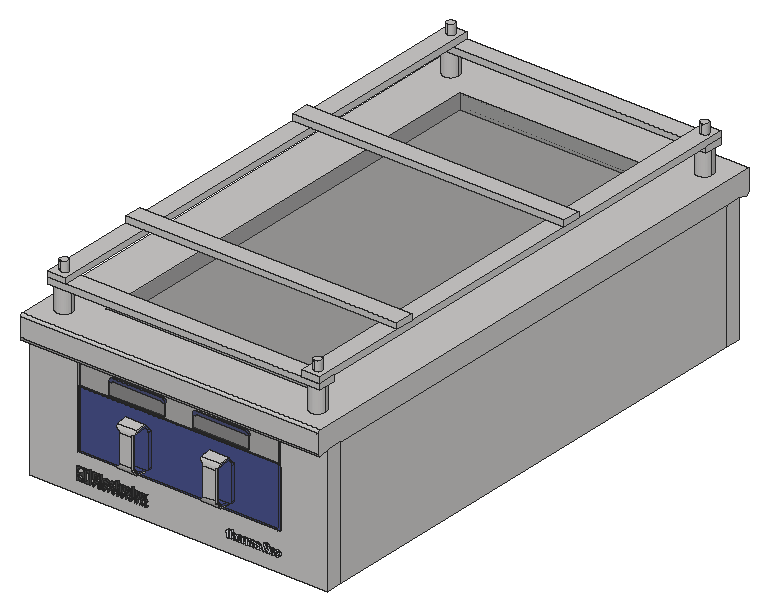
Revit family "QF_ELECTROLUXPROFESSIONAL_589842_MCIBACEODM", category Attrezzature speciali, Revit 2020
Family settings
  Quota connettore circolare = Usa diametro
  Tipo di parte = Normale
  Basato su piano di lavoro = No
  Sempre verticale = Sì
  Taglio con vuoti quando caricato = No
  Condiviso = No
  Punto di calcolo locali = No
Parameters (values of type "Standard")
  Weight = 25.00 kg
  Watts = 10000 W
  Volts = 440 V
  URL Manufacturer = "https://www.electroluxprofessional.com/"
  URL = "https://www.electroluxprofessional.com/"
  Steam Supply Size = 0"
  Steam Supply Minimum Pressure = 0.00 psi
  Steam Supply Maximum Pressure = 0.00 psi
  Steam Consumption per Hour = 0
  Refrigeration Suction Line Size = 0 mm
  Refrigeration Liquid Line Size = 0 mm
  Refrigerant Compressor Remote = yes
  Prospetto di default = 0 mm
  Phase = 3
  Modello = "MCIBACEODM"
  Produttore = "Electrolux Professional"
  Length Actual = 500 mm  # constant formula
  Item Number = "589842"
  Hot Water Size = 0"
  Height Actual = 250 mm  # constant formula
  HP = "13.4 HP"
  Gas Size = 0"
  Gas KW = 0
  Gas Input Pressure = 0.0 Btu/h
  Direct Waste Size = 0"
  Descrizione = "MARINE*INDUCTION TOP,2Z,2S,500X900X250H"
  Depth Actual = 900 mm  # constant formula
  Cycle = 50 Hz
  Condensate Return Size = 0"
  Compressed Air Volume = 0 GPM
  Compressed Air Size = 0"
  Compressed Air Pressure = 0.00 psi
  Cold Water Size = 0"
  Accessory = yes
Reference planes
  plane 1 "BACK": y = 0
  plane 2: z = 0
  plane 3 "LEFT": x = 0
  plane 4 "RIGHT": x = 500
  plane 5 "FRONT": y = -900
  plane 6 "TOP": z = 900
  plane 7 "Center (Left/Right)": x = 250
  plane 8: y = -450
  plane 9: y = -150
  plane 10: x = 80
  plane 11: x = 420
  plane 12: y = -80
  plane 13: y = -820
  plane 14 "EIx": x = 455
  plane 15 "EIy": y = -685
  plane 16: z = 938
  plane 17 "BaseTop": z = 650
  plane 18: y = -855
  plane 19: z = 975
Forms (mm)
  Extrusion 1, solid, material "QF_Finishes_Stainless Steel"
    sketch origin (-178.969, -4572, 100) x (-1, 0, 0) y (0, -1, 0)
      loop
        line (-178.969, -4527) -> (-178.969, -3717) -> (-678.969, -3717) -> (-678.969, -4527) -> (-178.969, -4527)
    from 550 to 762.969
  Extrusion 2, solid, material "QF_Finishes_Stainless Steel"
    sketch origin (0, 0, 650) x (-1, 0, 0) y (0, -1, 0)
      loop
        circle (-455, 685) r 6.35
    from 0 to -11.851
  Extrusion 3, solid, material "QF_Finishes_Stainless Steel"
    sketch origin (250, 296.4, 1219.2) x (0, 1, 0) y (0, 0, 1)
      loop
        line (-296.4, -319.2) -> (-1191.4, -319.2)
        arc (-1191.4, -319.2) -> (-1194.935, -320.664) -> (-1196.4, -324.2) r 5
        line (-1196.4, -324.2) -> (-1196.4, -355.2)
        arc (-1196.4, -355.2) -> (-1194.971, -358.264) -> (-1191.705, -359.139) r 4
        line (-1191.705, -359.139) -> (-1176.4, -356.231) -> (-316.4, -356.231) -> (-301.094, -359.139)
        arc (-301.094, -359.139) -> (-297.829, -358.264) -> (-296.4, -355.2) r 4
        line (-296.4, -355.2) -> (-296.4, -319.2)
    from -250 to 250
  Extrusion 4, solid, material "QF_Finishes_Electrolux_Black Smoke Iluminated"
    sketch origin (0, 0, 900) x (-1, 0, 0) y (0, -1, 0)
      loop
        line (-80, 80) -> (-80, 820) -> (-420, 820) -> (-420, 80) -> (-80, 80)
    from 0 to -20
  Extrusion 5, void
    sketch origin (0, 0, 900) x (-1, 0, 0) y (0, -1, 0)
      loop
        line (-80, 820) -> (-420, 820) -> (-420, 80) -> (-80, 80) -> (-80, 820)
    from 0 to -25
  Extrusion 6, solid, material "QF_Finishes_Stainless Steel"
    sketch origin (97.5, 0, 940) x (0, 1, 0) y (-1, 0, 0)
      loop
        line (-30, 75) -> (-60, 75) -> (-60, -380) -> (-30, -380) -> (-30, 75)
      loop
        line (-870, 75) -> (-870, -380) -> (-840, -380) -> (-840, 75) -> (-870, 75)
      loop
        circle (-855, 60) r 6.5
      loop
        circle (-855, -365) r 6.5
      loop
        circle (-45, 60) r 6.5
      loop
        circle (-45, -365) r 6.5
    from 0 to 10
  Extrusion 7, solid, material "QF_Finishes_Stainless Steel"
    sketch origin (97.5, 0, 950) x (0, 1, 0) y (-1, 0, 0)
      loop
        line (-30, 75) -> (-870, 75) -> (-870, 45) -> (-30, 45) -> (-30, 75)
      loop
        line (-30, -380) -> (-30, -350) -> (-870, -350) -> (-870, -380) -> (-30, -380)
      loop
        circle (-45, 60) r 6.5
      loop
        circle (-45, -365) r 6.5
      loop
        circle (-855, 60) r 6.5
      loop
        circle (-855, -365) r 6.5
    from 0 to 10
  Extrusion 8, solid, material "QF_Finishes_Stainless Steel"
    sketch origin (97.5, 0, 960) x (0, 1, 0) y (-1, 0, 0)
      loop
        line (-327.5, 75) -> (-357.5, 75) -> (-357.5, -380) -> (-327.5, -380) -> (-327.5, 75)
      loop
        line (-677.5, 75) -> (-707.5, 75) -> (-707.5, -380) -> (-677.5, -380) -> (-677.5, 75)
    from 0 to 10
  Extrusion 9, solid, material "QF_Finishes_Stainless Steel"
    sketch origin (97.5, -1, 900) x (-1, 0, 0) y (0, -1, 0)
      loop
        circle (60, 44) r 13
      loop
        circle (-365, 44) r 13
      loop
        circle (60, 854) r 13
      loop
        circle (-365, 854) r 13
    from 0 to 40
  Extrusion 10, solid, material "QF_Finishes_Stainless Steel"
    sketch origin (97.5, -1, 940) x (0, 1, 0) y (-1, 0, 0)
      loop
        circle (-854, 60) r 6.5
      loop
        circle (-854, -365) r 6.5
      loop
        circle (-44, 60) r 6.5
      loop
        circle (-44, -365) r 6.5
    from 0 to 35
Cuts and joins
  Extrusion 5 cuts Extrusion 3
Lines and regions (mm)
  symbolic lines
    curve 1: line (0, 0, 100) -> (500, 0, 100)
    curve 2: line (0, -900, 100) -> (0, 0, 100)
    curve 3: line (500, -900, 100) -> (0, -900, 100)
    curve 4: line (500, 0, 100) -> (500, -900, 100)
    curve 5: line (80, -820, 0) -> (420, -820, 0)
    curve 6: line (420, -820, 0) -> (420, -707.5, 0)
    curve 7: line (420, -80, 0) -> (80, -80, 0)
    curve 8: line (80, -80, 0) -> (80, -336, 0)
    curve 9: line (477.5, -30, 940) -> (22.5, -30, 940)
    curve 10: line (22.5, -30, 940) -> (22.5, -870, 940)
    curve 11: line (477.5, -870, 940) -> (477.5, -30, 940)
    curve 12: line (22.5, -870, 940) -> (477.5, -870, 940)
    curve 13: line (22.5, -707.5, 940) -> (477.5, -707.5, 940)
    curve 14: line (477.5, -677.5, 940) -> (22.5, -677.5, 940)
    curve 15: line (22.5, -357.5, 940) -> (477.5, -357.5, 940)
    curve 16: line (477.5, -327.5, 940) -> (22.5, -327.5, 940)
    curve 17: line (52.5, -30, 940) -> (52.5, -327.5, 940)
    curve 18: line (52.5, -357.5, 940) -> (52.5, -677.5, 940)
    curve 19: line (52.5, -707.5, 940) -> (52.5, -870, 940)
    curve 20: line (52.5, -840, 940) -> (447.5, -840, 940)
    curve 21: line (447.5, -30, 940) -> (447.5, -327.5, 940)
    curve 22: line (447.5, -357.5, 940) -> (447.5, -677.5, 940)
    curve 23: line (447.5, -707.5, 940) -> (447.5, -870, 940)
    curve 24: line (52.5, -60, 940) -> (447.5, -60, 940)
    curve 25: circle (37.5, -45, 940) r 6.5 normal (0, 0, -1)
    curve 26: circle (462.5, -45, 940) r 6.5 normal (0, 0, -1)
    curve 27: circle (37.5, -855, 940) r 6.5 normal (0, 0, 1)
    curve 28: circle (462.5, -855, 940) r 6.5 normal (0, 0, 1)
    curve 29: line (80, -357.5, 0) -> (80, -677.5, 0)
    curve 30: line (420, -336, 0) -> (420, -80, 0)
    curve 31: line (420, -677.5, 0) -> (420, -357.5, 0)
    curve 32: line (80, -707.5, 0) -> (80, -820, 0)
  model lines
    curve 33: line (130.624, -422.012, 900) -> (112.947, -404.335, 900)
    curve 34: line (112.947, -404.335, 900) -> (112.947, -169.335, 900)
    curve 35: line (112.947, -169.335, 900) -> (130.624, -151.657, 900)
    curve 36: line (250, -245.603, 900) -> (250, -325.603, 900)
    curve 37: line (210, -285.603, 900) -> (290, -285.603, 900)
    curve 38: line (369.376, -422.012, 900) -> (387.053, -404.335, 900)
    curve 39: line (387.053, -404.335, 900) -> (387.053, -169.335, 900)
    curve 40: line (387.053, -169.335, 900) -> (369.376, -151.657, 900)
    curve 41: line (130.624, -477.988, 900) -> (112.947, -495.665, 900)
    curve 42: line (112.947, -495.665, 900) -> (112.947, -730.665, 900)
    curve 43: line (112.947, -730.665, 900) -> (130.624, -748.343, 900)
    curve 44: line (250, -654.397, 900) -> (250, -574.397, 900)
    curve 45: line (210, -614.397, 900) -> (290, -614.397, 900)
    curve 46: line (369.376, -477.988, 900) -> (387.053, -495.665, 900)
    curve 47: line (387.053, -495.665, 900) -> (387.053, -730.665, 900)
    curve 48: line (387.053, -730.665, 900) -> (369.376, -748.343, 900)
    curve 49: line (58.254, -110.891, 900) -> (79.467, -89.677, 900)
    curve 50: line (79.467, -89.677, 900) -> (420.533, -89.677, 900)
    curve 51: line (58.254, -789.109, 900) -> (79.467, -810.323, 900)
    curve 52: line (79.467, -810.323, 900) -> (420.533, -810.323, 900)
    curve 53: line (441.746, -110.891, 900) -> (420.533, -89.677, 900)
    curve 54: line (441.746, -789.109, 900) -> (420.533, -810.323, 900)
Dimensions and locks
  plane 3 "LEFT" to plane 4 "RIGHT" = 500 mm
  locked: plane 5 "FRONT" to plane 1 "BACK" at 900
  equal spacing: plane 3 "LEFT", plane 7 "Center (Left/Right)", plane 4 "RIGHT"
  equal spacing: plane 5 "FRONT", plane 8, plane 1 "BACK"
  plane 6 "TOP" to level = 900 mm  (x2)
  plane 1 "BACK" to plane 9 = 150 mm
  plane 1 "BACK" to Extrusion 2 = 685 mm
  locked: plane 14 "EIx" to plane 4 "RIGHT" at 45
  locked: plane 15 "EIy" to plane 1 "BACK" at 685
  plane 16 to plane 6 "TOP" = 38 mm
  plane 12 to plane 1 "BACK" = 80 mm
  plane 5 "FRONT" to plane 13 = 80 mm
  plane 3 "LEFT" to plane 10 = 80 mm
  plane 11 to plane 4 "RIGHT" = 80 mm
  locked: plane 6 "TOP" to plane 17 "BaseTop" at 250
  locked: plane 18 to plane 5 "FRONT" at 45
  plane 19 to plane 6 "TOP" = 75 mm
  aligned and locked: level to plane 2
  aligned and locked: cut or joined group of Extrusion 3, Extrusion 5 to plane 3 "LEFT"
  aligned and locked: cut or joined group of Extrusion 3, Extrusion 5 to plane 4 "RIGHT"
  aligned and locked: Extrusion 5 sketch curve to plane 10
  aligned and locked: plane 12 to Extrusion 5 sketch curve
  aligned and locked: plane 11 to Extrusion 5 sketch curve
  aligned and locked: Extrusion 5 sketch curve to plane 13
  aligned and locked: plane 12 to Extrusion 4 sketch curve
  aligned and locked: Extrusion 4 sketch curve to plane 10
  aligned and locked: Extrusion 4 sketch curve to plane 13
  aligned and locked: plane 11 to Extrusion 4 sketch curve
  aligned and locked: nested 1 to plane 18
  aligned and locked: Extrusion 1 to plane 18
  aligned and locked: plane 3 "LEFT" to nested 1
  aligned and locked: nested 2 to Extrusion 1
  aligned and locked: nested 2 to plane 3 "LEFT"
Automatic sketch dimensions
  Extrusion 2 sketch curve to plane 14 "EIx" = 0 mm
  Extrusion 2 sketch curve to plane 15 "EIy" = 0 mm
  Extrusion 3 sketch curve to plane 5 "FRONT" = 0 mm
  Extrusion 3 sketch curve to plane 6 "TOP" = 0 mm
  Extrusion 3 sketch curve to plane 1 "BACK" = 0 mm
  Extrusion 3 sketch curve to Extrusion 3 sketch curve = 4 mm
  Extrusion 3 sketch curve to Extrusion 3 sketch curve = 0.695 mm
  Extrusion 3 sketch curve to plane 5 "FRONT" = 5 mm
  Extrusion 3 sketch curve to Extrusion 3 sketch curve = 15.305 mm
  plane 1 "BACK" to Extrusion 3 sketch curve = 20 mm
  plane 1 "BACK" to Extrusion 3 sketch curve = 4.695 mm
  plane 1 "BACK" to Extrusion 3 sketch curve = 4 mm
  Extrusion 3 sketch curve to Extrusion 3 sketch curve = 31 mm
  Extrusion 3 sketch curve to Extrusion 3 sketch curve = 36 mm
  Extrusion 3 sketch curve to Extrusion 3 sketch curve = 2.909 mm
  Extrusion 1 sketch curve to plane 4 "RIGHT" = 0 mm
  Extrusion 1 sketch curve to plane 3 "LEFT" = 0 mm
  Extrusion 1 sketch curve to plane 18 = 0 mm
  Extrusion 1 sketch curve to plane 12 = 35 mm
  plane 1 "BACK" to curve 1 = 0 mm
  curve 1 to plane 4 "RIGHT" = 0 mm
  curve 3 to plane 3 "LEFT" = 0 mm
  plane 5 "FRONT" to curve 3 = 0 mm
  Extrusion 6 sketch curve to plane 18 = 0 mm  (x2)
  Extrusion 6 sketch curve to plane 18 = 15 mm
  plane 18 to Extrusion 6 sketch curve = 15 mm
  Extrusion 6 sketch curve to plane 12 = 20 mm
  Extrusion 6 sketch curve to Extrusion 6 sketch curve = 15 mm  (x7)
  Extrusion 6 sketch curve to plane 14 "EIx" = 7.5 mm  (x2)
  plane 3 "LEFT" to Extrusion 6 sketch curve = 37.5 mm  (x2)
  Extrusion 7 sketch curve to plane 18 = 0 mm  (x2)
  plane 14 "EIx" to Extrusion 7 sketch curve = 7.5 mm
  Extrusion 7 sketch curve to plane 18 = 15 mm  (x2)
  Extrusion 7 sketch curve to plane 12 = 35 mm  (x2)
  Extrusion 7 sketch curve to plane 14 "EIx" = 7.5 mm  (x2)
  Extrusion 7 sketch curve to Extrusion 7 sketch curve = 15 mm  (x6)
  plane 10 to Extrusion 7 sketch curve = 27.5 mm
  Extrusion 9 sketch curve to plane 18 = 0 mm  (x2)
  Extrusion 9 sketch curve to plane 14 "EIx" = 7.5 mm  (x2)
  plane 3 "LEFT" to Extrusion 9 sketch curve = 37.5 mm  (x2)
  Extrusion 9 sketch curve to plane 12 = 35 mm  (x2)
  Extrusion 10 sketch curve to plane 18 = 0 mm  (x2)
  Extrusion 10 sketch curve to plane 14 "EIx" = 7.5 mm  (x2)
  Extrusion 10 sketch curve to plane 12 = 35 mm  (x2)
  plane 3 "LEFT" to Extrusion 10 sketch curve = 37.5 mm  (x2)
  plane 12 to curve 53 = 9.677 mm
  plane 4 "RIGHT" to curve 53 = 79.467 mm
  curve 46 to plane 8 = 45.665 mm
  curve 50 to curve 46 = 33.48 mm
  curve 40 to plane 9 = 19.335 mm
  curve 50 to curve 40 = 33.48 mm
  curve 41 to plane 8 = 45.665 mm
  curve 46 to curve 41 = 274.107 mm
  plane 8 to curve 33 = 45.665 mm
  curve 33 to curve 41 = 0 mm
  curve 34 to curve 49 = 33.48 mm
  curve 42 to curve 52 = 33.48 mm
  curve 35 to plane 9 = 19.335 mm
  plane 8 to curve 39 = 45.665 mm
  curve 48 to plane 15 "EIy" = 45.665 mm
  curve 43 to plane 15 "EIy" = 45.665 mm
  plane 12 to curve 53 = 30.891 mm
  curve 53 to curve 50 = 21.213 mm
  curve 54 to plane 13 = 30.891 mm
  curve 54 to curve 47 = 54.693 mm
  curve 54 to curve 52 = 21.213 mm
  curve 54 to plane 13 = 9.677 mm
  curve 40 to plane 9 = 1.657 mm
  curve 39 to curve 40 = 17.678 mm
  curve 46 to plane 8 = 27.988 mm
  curve 46 to curve 46 = 17.678 mm
  curve 48 to plane 15 "EIy" = 63.343 mm
  curve 47 to curve 48 = 17.678 mm
  plane 8 to curve 38 = 27.988 mm
  curve 38 to curve 38 = 17.678 mm
  plane 15 "EIy" to curve 45 = 70.603 mm
  curve 47 to curve 45 = 97.053 mm
  curve 39 to curve 37 = 97.053 mm
  curve 37 to curve 36 = 40 mm  (x2)
  curve 45 to curve 44 = 40 mm
  curve 36 to curve 37 = 40 mm  (x2)
  curve 44 to curve 45 = 40 mm  (x2)
  plane 8 to curve 33 = 27.988 mm
  curve 33 to curve 33 = 17.678 mm
  curve 35 to plane 9 = 1.657 mm
  curve 35 to curve 34 = 17.678 mm
  curve 43 to plane 15 "EIy" = 63.343 mm
  curve 43 to curve 42 = 17.678 mm
  curve 41 to plane 8 = 27.988 mm
  curve 41 to curve 41 = 17.678 mm
  plane 12 to curve 49 = 30.891 mm
  curve 49 to curve 49 = 21.213 mm
  curve 51 to plane 13 = 30.891 mm
  curve 51 to curve 51 = 21.213 mm
  curve 36 to plane 9 = 95.603 mm
  plane 15 "EIy" to curve 44 = 30.603 mm
  Extrusion 8 sketch curve to plane 15 "EIy" = 22.5 mm
  plane 15 "EIy" to Extrusion 8 sketch curve = 7.5 mm
  plane 3 "LEFT" to Extrusion 8 sketch curve = 22.5 mm  (x2)
  plane 8 to Extrusion 8 sketch curve = 92.5 mm
  Extrusion 8 sketch curve to Extrusion 8 sketch curve = 30 mm
  plane 4 "RIGHT" to Extrusion 8 sketch curve = 22.5 mm  (x2)
  curve 5 to plane 10 = 0 mm
  curve 29 to plane 10 = 0 mm
  curve 8 to plane 10 = 0 mm
  curve 6 to plane 11 = 0 mm
  curve 30 to plane 11 = 0 mm
  curve 31 to plane 11 = 0 mm
  plane 13 to curve 5 = 0 mm
  plane 12 to curve 8 = 0 mm
  curve 32 to plane 15 "EIy" = 22.5 mm
  curve 6 to plane 15 "EIy" = 22.5 mm
  plane 15 "EIy" to curve 31 = 7.5 mm
  plane 15 "EIy" to curve 29 = 7.5 mm
  plane 8 to curve 31 = 92.5 mm
  plane 8 to curve 29 = 92.5 mm
  curve 31 to curve 30 = 21.5 mm
  curve 29 to curve 8 = 21.5 mm
  plane 14 "EIx" to curve 23 = 7.5 mm
  curve 23 to plane 18 = 15 mm
  curve 19 to plane 18 = 15 mm
  plane 18 to curve 20 = 15 mm
  curve 23 to plane 15 "EIy" = 22.5 mm
  plane 15 "EIy" to curve 22 = 7.5 mm
  plane 14 "EIx" to curve 22 = 7.5 mm
  plane 8 to curve 22 = 92.5 mm
  plane 14 "EIx" to curve 21 = 7.5 mm
  curve 22 to curve 21 = 30 mm
  curve 24 to plane 12 = 20 mm
  plane 1 "BACK" to curve 21 = 30 mm
  plane 1 "BACK" to curve 17 = 30 mm
  plane 4 "RIGHT" to curve 16 = 22.5 mm
  plane 4 "RIGHT" to curve 15 = 22.5 mm
  plane 4 "RIGHT" to curve 14 = 22.5 mm
  plane 4 "RIGHT" to curve 13 = 22.5 mm
  plane 10 to curve 19 = 27.5 mm
  plane 10 to curve 18 = 27.5 mm
  plane 10 to curve 17 = 27.5 mm
  plane 3 "LEFT" to curve 15 = 22.5 mm
  plane 3 "LEFT" to curve 14 = 22.5 mm
  plane 3 "LEFT" to curve 13 = 22.5 mm
  plane 3 "LEFT" to curve 16 = 22.5 mm
  radius of Extrusion 2 sketch curve = 6.35 mm
  radius of Extrusion 6 sketch curve = 6.5 mm  (x4)
  radius of Extrusion 7 sketch curve = 6.5 mm  (x4)
  radius of Extrusion 9 sketch curve = 13 mm  (x4)
  radius of Extrusion 10 sketch curve = 6.5 mm  (x4)
Nested families
  nested 1: "Front_Panel_W500_2 Knobs" at (52.376, -855, 0), type "Front_Panel_W500_2 Knobs"
  nested 2: "Front_Panel_W500_2 Knobs" at (447.624, -45, 0) x (-1, 0, 0) z (0, 0, 1), type "Front_Panel_W500_2 Knobs"
Connectors
  electrical at (455, -685, 638.149)
    settings: on Extrusion 2, index 1, voltage 400 V, apparent load 33000 VA, apparent load phase1 0 VA, apparent load phase2 0 VA, apparent load phase3 0 VA, power factor 1, load classification "Other", number of poles 1, system type 30, power factor state 1, is connector primary yes, connector utility no, sub classification motor no, connector description "ELECTRICAL CONNECTION"
Definition of nested family "Front_Panel_W500_2 Knobs"
  Parameters
    Width = 500 mm
    Default Elevation = 0 mm
  Reference planes
    plane 1 "Center (Front/Back)": y = 0
    plane 2: z = 0
    plane 3 "Center (Left/Right)": x = 197.624
    plane 4 "Left": x = -52.376
    plane 5 "Right": x = 447.624
    plane 6: y = -45
    plane 7: y = -25
    plane 8: x = 367.624
    plane 9: x = 27.624
    plane 10: x = 127.624
    plane 11: x = 267.624
  Forms (mm)
    Extrusion 1, solid
      sketch origin (833.217, 829.203, -1.25) x (0, 1, 0) y (0, 0, 1)
        loop
          line (-854.203, 651.25) -> (-829.203, 651.25) -> (-829.203, 864.25) -> (-854.203, 864.25) -> (-854.203, 651.25)
      from -885.593 to -385.593
    Extrusion 2, void
      sketch origin (0, 0, 0) x (1, 0, 0) y (0, 0, 1)
        loop
          line (27.624, 853.866) -> (27.624, 711.866) -> (367.624, 711.866) -> (367.624, 853.866) -> (27.624, 853.866)
      from 19.387 to 33.951
  Cuts and joins
    Extrusion 2 cuts Extrusion 1
  Dimensions and locks
    equal spacing: plane 5 "Right", plane 3 "Center (Left/Right)", plane 4 "Left"
    "Width": plane 5 "Right" to plane 4 "Left"
    locked: plane 3 "Center (Left/Right)" to plane 9 at 170
    locked: plane 8 to plane 3 "Center (Left/Right)" at 170
    locked: plane 3 "Center (Left/Right)" to plane 10 at 70
    locked: plane 11 to plane 3 "Center (Left/Right)" at 70
    aligned and locked: cut or joined group of Extrusion 1, Extrusion 2 to plane 4 "Left"
    aligned and locked: plane 5 "Right" to cut or joined group of Extrusion 1, Extrusion 2
    aligned and locked: plane 3 "Center (Left/Right)" to nested 1
    aligned and locked: cut or joined group of Extrusion 1, Extrusion 2 to nested 1
    aligned and locked: plane 9 to Extrusion 2 sketch curve
    aligned and locked: Extrusion 2 sketch curve to plane 8
    aligned and locked: plane 9 to cut or joined group of Extrusion 1, Extrusion 2
    aligned and locked: plane 8 to cut or joined group of Extrusion 1, Extrusion 2
    aligned and locked: plane 9 to nested 1
    aligned and locked: plane 8 to nested 1
    aligned and locked: nested 4 to plane 9
  Automatic sketch dimensions
    Extrusion 1 sketch curve to plane 1 "Center (Front/Back)" = 0 mm
    level to Extrusion 1 sketch curve = 650 mm
    level to Extrusion 2 sketch curve = 711.866 mm
    Extrusion 2 sketch curve to Extrusion 2 sketch curve = 142 mm
    Extrusion 1 sketch curve to plane 6 = 20 mm
    Extrusion 1 sketch curve to Extrusion 1 sketch curve = 213 mm
  Nested families
    nested 1: "Front glass control panel W340_2 Knobs" at (197.624, 280.644, 2.752), type "Front glass control panel W340_2 Knobs"
    nested 2: "Range Control Handle" at (127.624, -28.137, -209.113) x (-1, 0, 0) z (0, 0, 1), type "Range Control Handle"
    nested 3: "ELX_ThermaLine_Small" at (319.031, -25, 679.426) x (1, 0, 0) z (0, -1, 0), type "ELX_ThermaLine_Small"
      with Show Logo yes, Material_Logo none
    nested 4: "ELX_Professional_Logo_Small" at (87.11, -25, 681.659) x (1, 0, 0) z (0, -1, 0), type "ELX_Professional_Logo_Small"
      with Show Logo yes, Material_Logo none
    nested 5: "Range Control Handle" at (267.624, -28.137, -209.113) x (-1, 0, 0) z (0, 0, 1), type "Range Control Handle"
  Definition of nested family "Front glass control panel W340_2 Knobs"
    Parameters
      Default Elevation = 0 mm
    Reference planes
      plane 1 "Center (Front/Back)": y = 0
      plane 2: z = 0
      plane 3 "Center (Left/Right)": x = 0
    Forms (mm)
      Extrusion 1, solid
        sketch origin (378.286, 0, 0.617) x (1, 0, 0) y (0, 0, 1)
          loop
            line (-548.286, 806.791) -> (-548.286, 708.497) -> (-208.286, 708.497) -> (-208.286, 806.791) -> (-548.286, 806.791)
        from 300.031 to 304.8
      Extrusion 2, solid
        sketch origin (378.286, 0, 0.617) x (1, 0, 0) y (0, 0, 1)
          loop
            line (-548.286, 850.497) -> (-548.286, 806.791) -> (-208.286, 806.791) -> (-208.286, 850.497) -> (-548.286, 850.497)
        from 300.031 to 304.8
      Extrusion 3, void
        sketch origin (378.286, 0, 0.617) x (1, 0, 0) y (0, 0, 1)
          loop
            line (-545.628, 847.565) -> (-545.628, 710.699) -> (-211.196, 710.699) -> (-211.196, 847.565) -> (-545.628, 847.565)
        from 303.697 to 304.8
      Extrusion 4, solid
        sketch origin (238.309, 1.101, -0.633) x (1, 0, 0) y (0, 0, 1)
          loop
            line (-261.431, 812.62) -> (-261.431, 834.177) -> (-266.24, 834.177) -> (-268.039, 835.977) -> (-348.469, 835.977) -> (-350.269, 834.177) -> (-355.186, 834.177) -> (-355.186, 812.62) -> (-261.431, 812.62)
        from 304.798 to 306.745
      Extrusion 5, solid
        sketch origin (238.309, 1.101, -0.633) x (1, 0, 0) y (0, 0, 1)
          loop
            line (-350.269, 834.177) -> (-348.469, 835.977) -> (-268.039, 835.977) -> (-266.24, 834.177) -> (-261.529, 834.177)
            arc (-261.529, 834.177) -> (-262.706, 838.752) -> (-266.98, 840.763) r 5.549
            line (-266.98, 840.763) -> (-349.686, 840.763)
            arc (-349.686, 840.763) -> (-353.942, 838.747) -> (-355.078, 834.177) r 5.5
            line (-355.078, 834.177) -> (-350.269, 834.177)
        from 304.798 to 306.745
      Extrusion 6, solid
        sketch origin (378.309, 1.101, -0.633) x (1, 0, 0) y (0, 0, 1)
          loop
            line (-261.431, 812.62) -> (-261.431, 834.177) -> (-266.24, 834.177) -> (-268.039, 835.977) -> (-348.469, 835.977) -> (-350.269, 834.177) -> (-355.186, 834.177) -> (-355.186, 812.62) -> (-261.431, 812.62)
        from 304.798 to 306.745
      Extrusion 7, solid
        sketch origin (378.309, 1.101, -0.633) x (1, 0, 0) y (0, 0, 1)
          loop
            line (-350.269, 834.177) -> (-348.469, 835.977) -> (-268.039, 835.977) -> (-266.24, 834.177) -> (-261.529, 834.177)
            arc (-261.529, 834.177) -> (-262.706, 838.752) -> (-266.98, 840.763) r 5.549
            line (-266.98, 840.763) -> (-349.686, 840.763)
            arc (-349.686, 840.763) -> (-353.942, 838.747) -> (-355.078, 834.177) r 5.5
            line (-355.078, 834.177) -> (-350.269, 834.177)
        from 304.798 to 306.745
    Cuts and joins
      Extrusion 3 cuts Extrusion 1
      Extrusion 3 cuts Extrusion 2
    Dimensions and locks
      equal spacing: cut or joined group of Extrusion 2, Extrusion 3, plane 3 "Center (Left/Right)", cut or joined group of Extrusion 2, Extrusion 3
      cut or joined group of Extrusion 2, Extrusion 3 to cut or joined group of Extrusion 2, Extrusion 3 = 340 mm
      aligned and locked: Extrusion 1 to Extrusion 2
      aligned and locked: Extrusion 5 to Extrusion 4
      aligned and locked: Extrusion 7 to Extrusion 6
    Automatic sketch dimensions
      Extrusion 1 sketch curve to plane 3 "Center (Left/Right)" = 170 mm
      plane 3 "Center (Left/Right)" to Extrusion 1 sketch curve = 170 mm
      level to Extrusion 1 sketch curve = 709.114 mm
      Extrusion 1 sketch curve to Extrusion 1 sketch curve = 98.294 mm
      Extrusion 2 sketch curve to plane 3 "Center (Left/Right)" = 170 mm
      plane 3 "Center (Left/Right)" to Extrusion 2 sketch curve = 170 mm
      level to Extrusion 2 sketch curve = 807.408 mm
      Extrusion 2 sketch curve to Extrusion 2 sketch curve = 43.706 mm
      Extrusion 3 sketch curve to plane 3 "Center (Left/Right)" = 167.342 mm
      plane 3 "Center (Left/Right)" to Extrusion 3 sketch curve = 167.091 mm
      level to Extrusion 3 sketch curve = 711.316 mm
      Extrusion 3 sketch curve to Extrusion 3 sketch curve = 136.866 mm
      Extrusion 4 sketch curve to plane 3 "Center (Left/Right)" = 116.877 mm
      Extrusion 4 sketch curve to Extrusion 4 sketch curve = 4.917 mm
      Extrusion 4 sketch curve to Extrusion 4 sketch curve = 1.8 mm  (x3)
      Extrusion 4 sketch curve to plane 3 "Center (Left/Right)" = 29.731 mm
      Extrusion 4 sketch curve to Extrusion 4 sketch curve = 4.809 mm
      level to Extrusion 4 sketch curve = 811.987 mm
      Extrusion 4 sketch curve to Extrusion 4 sketch curve = 21.557 mm  (x2)
      Extrusion 5 sketch curve to plane 3 "Center (Left/Right)" = 116.769 mm
      Extrusion 5 sketch curve to Extrusion 5 sketch curve = 4.809 mm
      Extrusion 5 sketch curve to Extrusion 5 sketch curve = 0.583 mm
      Extrusion 5 sketch curve to Extrusion 5 sketch curve = 1.217 mm
      Extrusion 5 sketch curve to plane 3 "Center (Left/Right)" = 29.731 mm
      Extrusion 5 sketch curve to Extrusion 5 sketch curve = 1.059 mm
      Extrusion 5 sketch curve to Extrusion 5 sketch curve = 0.741 mm
      Extrusion 5 sketch curve to Extrusion 5 sketch curve = 4.711 mm
      level to Extrusion 5 sketch curve = 833.543 mm
      Extrusion 5 sketch curve to Extrusion 5 sketch curve = 0 mm
      Extrusion 5 sketch curve to Extrusion 5 sketch curve = 1.037 mm
      Extrusion 5 sketch curve to Extrusion 5 sketch curve = 0.714 mm
      plane 3 "Center (Left/Right)" to Extrusion 6 sketch curve = 23.123 mm
      Extrusion 6 sketch curve to Extrusion 6 sketch curve = 4.917 mm
      Extrusion 6 sketch curve to Extrusion 6 sketch curve = 1.8 mm  (x3)
      Extrusion 6 sketch curve to Extrusion 6 sketch curve = 80.43 mm
      Extrusion 6 sketch curve to Extrusion 6 sketch curve = 4.809 mm
      level to Extrusion 6 sketch curve = 811.987 mm
      Extrusion 6 sketch curve to Extrusion 6 sketch curve = 21.557 mm  (x2)
      plane 3 "Center (Left/Right)" to Extrusion 7 sketch curve = 23.231 mm
      Extrusion 7 sketch curve to Extrusion 7 sketch curve = 4.809 mm
      Extrusion 7 sketch curve to Extrusion 7 sketch curve = 0.583 mm
      Extrusion 7 sketch curve to Extrusion 7 sketch curve = 1.217 mm
      Extrusion 7 sketch curve to Extrusion 7 sketch curve = 80.43 mm
      Extrusion 7 sketch curve to Extrusion 7 sketch curve = 1.059 mm
      Extrusion 7 sketch curve to Extrusion 7 sketch curve = 0.741 mm
      Extrusion 7 sketch curve to Extrusion 7 sketch curve = 4.711 mm
      level to Extrusion 7 sketch curve = 833.543 mm
      Extrusion 7 sketch curve to Extrusion 7 sketch curve = 0 mm
      Extrusion 7 sketch curve to Extrusion 7 sketch curve = 1.037 mm
      Extrusion 7 sketch curve to Extrusion 7 sketch curve = 0.714 mm
  Definition of nested family "Range Control Handle"
    Parameters
      Default Elevation = 0 mm
    Reference planes
      plane 1 "Center (Front/Back)": y = 0
      plane 2: z = 0
      plane 3 "Center (Left/Right)": x = 0
      plane 4: z = 971.092
      plane 5: y = -16.9
    Forms (mm)
      Extrusion 1, solid
        sketch origin (-746.28, 380.497, 208.931) x (-1, 0, 0) y (0, 0, 1)
          loop
            line (-770.101, 786.798) -> (-770.101, 731.649)
            arc (-770.101, 731.649) -> (-769.759, 730.563) -> (-768.855, 729.87) r 1.893
            line (-768.855, 729.87) -> (-763.474, 727.911) -> (-729.81, 727.911) -> (-724.428, 729.87)
            arc (-724.428, 729.87) -> (-723.525, 730.563) -> (-723.183, 731.649) r 1.893
            line (-723.183, 731.649) -> (-723.183, 786.798)
            arc (-723.183, 786.798) -> (-723.529, 787.894) -> (-724.44, 788.593) r 1.91
            line (-724.44, 788.593) -> (-729.683, 790.819) -> (-763.601, 790.819) -> (-768.844, 788.593)
            arc (-768.844, 788.593) -> (-769.755, 787.894) -> (-770.101, 786.798) r 1.91
        from -382.35 to -378.852
      Sweep 2, solid
        path origin (-746.788, 380.496, 208.091) x (0, -1, 0) y (0, 0, 1)
          loop
            line (379.775, 793.281) -> (395.661, 791.048)
            arc (395.661, 791.048) -> (397.781, 787.377) -> (398.517, 783.202) r 12.207
            line (398.517, 783.202) -> (398.517, 737.368)
            arc (398.517, 737.368) -> (397.781, 733.193) -> (395.661, 729.522) r 12.207
            line (395.661, 729.522) -> (379.775, 727.289)
        profile origin (-746.788, -7.222, 1000.256) x (0, -0.139173, 0.990268) y (-1, 0, 0)
          loop
            line (0.782, -763.123) -> (0.782, -730.907) -> (-1.322, -730.907) -> (-1.322, -763.123) -> (0.782, -763.123)
      Sweep 3, solid
        path origin (-746.788, 380.715, 207.832) x (0, -1, 0) y (0, 0, 1)
          loop
            line (380.478, 795.442) -> (397.218, 793.09)
            arc (397.218, 793.09) -> (399.929, 788.473) -> (400.871, 783.202) r 15.207
            line (400.871, 783.202) -> (400.871, 737.584)
            arc (400.871, 737.584) -> (399.914, 732.274) -> (397.164, 727.633) r 15.207
            line (397.164, 727.633) -> (380.601, 725.305)
        profile origin (-746.788, -8.132, 1002.099) x (0, -0.139173, 0.990268) y (-1, 0, 0)
          loop
            line (0.782, -763.123) -> (0.782, -730.907) -> (-1.322, -730.907) -> (-1.322, -763.123) -> (0.782, -763.123)
      Extrusion 4, void
        sketch origin (889.253, 220.666, 207.993) x (1, 0, 0) y (0, 0, 1)
          loop
            line (-943.038, 816.854) -> (-943.038, 703.686) -> (-899.466, 734.196) -> (-899.466, 786.344) -> (-943.038, 816.854)
        from 230.636 to 242.25
      Extrusion 5, void
        sketch origin (-888.8, 220.666, 207.993) x (-1, 0, 0) y (0, 0, -1)
          loop
            line (-943.038, -816.854) -> (-899.466, -786.344) -> (-899.466, -734.196) -> (-943.038, -703.686) -> (-943.038, -816.854)
        from 230.636 to 242.25
      Extrusion 6, solid
        sketch origin (0, 0, 0) x (1, 0, 0) y (0, 0, 1)
          loop
            circle (0, 971.092) r 7.736
        from -3.137 to -1.645
    Cuts and joins
      Extrusion 4, Extrusion 5 cuts Sweep 3
      Extrusion 4, Extrusion 5 cuts Sweep 2
      joined: Extrusion 1, Extrusion 6
    Lines and regions (mm)
      symbolic lines
        curve 1: line (16.334, -16.9, 0) -> (16.334, -19.227, 0)
        curve 2: spline (16.334, -19.227, 0) -> (15.87, -19.385, 0) -> (15.404, -19.536, 0) -> (14.936, -19.678, 0) -> (14.466, -19.813, 0) -> (13.995, -19.94, 0) -> (13.523, -20.059, 0) -> (13.049, -20.171, 0) -> (12.575, -20.274, 0) -> (12.099, -20.37, 0) -> (11.622, -20.458, 0) -> (11.144, -20.537, 0) -> (10.666, -20.609, 0)
        curve 3: line (10.666, -16.9, 0) -> (10.666, -20.938, 0)
        curve 4: line (-10.213, -20.938, 0) -> (10.666, -20.938, 0)
        curve 5: line (-10.213, -20.938, 0) -> (-10.213, -16.9, 0)
        curve 6: spline (-10.213, -20.609, 0) -> (-10.691, -20.537, 0) -> (-11.169, -20.458, 0) -> (-11.646, -20.37, 0) -> (-12.122, -20.274, 0) -> (-12.597, -20.171, 0) -> (-13.07, -20.059, 0) -> (-13.542, -19.94, 0) -> (-14.013, -19.813, 0) -> (-14.483, -19.678, 0) -> (-14.951, -19.536, 0) -> (-15.417, -19.385, 0) -> (-15.881, -19.227, 0)
        curve 7: line (-15.881, -19.227, 0) -> (-15.881, -16.9, 0)
  Definition of nested family "ELX_ThermaLine_Small"
    Parameters
      Show Logo [instance] = yes
      Material_Logo [instance] = none
      Default Elevation = 0 mm
    Reference planes
      plane 1 "Centro (Fronte/Retro)": y = 0
      plane 2: z = 0
      plane 3 "Centro (Sinistra/Destra)": x = 0
    Forms (mm)
      Extrusion 1, solid
        sketch origin (0, 0, 0) x (1, 0, 0) y (0, 1, 0)
          loop
            line (-1219.2, 1219.2) -> (-1219.2, -1219.2) -> (1219.2, -1219.2) -> (1219.2, 1219.2) -> (-1219.2, 1219.2)
        from 0 to -304.8
      Extrusion 2, solid
        sketch origin (0, 0, 0) x (1, 0, 0) y (0, 1, 0)
          loop
            line (-37.494, 1.229) -> (-35.908, 1.229) -> (-35.908, 3.066) -> (-37.494, 3.066) -> (-37.494, 6.221) -> (-39.867, 4.881) -> (-39.867, 3.066) -> (-40.969, 3.066) -> (-40.969, 1.229) -> (-39.867, 1.229) -> (-39.867, -3.407)
            arc (-39.867, -3.407) -> (-38.982, -5.513) -> (-36.751, -6.001) r 2.478
            line (-36.751, -6.001) -> (-35.638, -5.7) -> (-35.9, -3.835) -> (-36.661, -4.039)
            arc (-36.661, -4.039) -> (-37.236, -3.924) -> (-37.494, -3.399) r 0.662
            line (-37.494, -3.399) -> (-37.494, 1.229)
          loop
            line (-34.242, 6.539) -> (-34.242, -5.848) -> (-31.854, -5.848) -> (-31.854, -0.078)
            arc (-31.854, -0.078) -> (-30.939, 1.249) -> (-29.33, 1.367) r 1.866
            arc (-29.33, 1.367) -> (-28.695, 0.768) -> (-28.461, -0.073) r 1.627
            line (-28.461, -0.073) -> (-28.461, -5.848) -> (-26.086, -5.848) -> (-26.064, -0.46)
            arc (-26.064, -0.46) -> (-26.261, 0.932) -> (-26.786, 2.237) r 5.825
            arc (-26.786, 2.237) -> (-29.381, 3.264) -> (-31.854, 1.971) r 3.353
            line (-31.854, 1.971) -> (-31.854, 6.539) -> (-34.242, 6.539)
          loop
            arc (-18.398, -0.598) -> (-18.893, 0.879) -> (-20.326, 1.487) r 1.897
            arc (-20.326, 1.487) -> (-21.461, 0.708) -> (-21.897, -0.598) r 2.164
            line (-21.897, -0.598) -> (-18.398, -0.598)
          loop
            arc (-16.021, -2.044) -> (-16.754, 1.227) -> (-19.444, 3.226) r 4.814
            arc (-19.444, 3.226) -> (-22.137, 2.788) -> (-23.943, 0.743) r 4.054
            arc (-23.943, 0.743) -> (-24.382, -1.249) -> (-24.162, -3.276) r 6.289
            arc (-24.162, -3.276) -> (-23.302, -4.71) -> (-21.958, -5.705) r 4.28
            arc (-21.958, -5.705) -> (-18.558, -5.814) -> (-16.152, -3.409) r 4.28
            line (-16.152, -3.409) -> (-18.5, -2.995)
            arc (-18.5, -2.995) -> (-19.273, -3.994) -> (-20.533, -4.076) r 1.536
            arc (-20.533, -4.076) -> (-21.56, -3.281) -> (-21.958, -2.044) r 2.197
            line (-21.958, -2.044) -> (-16.021, -2.044)
          loop
            line (-14.165, -5.848) -> (-11.819, -5.848) -> (-11.819, -2.138)
            arc (-11.819, -2.138) -> (-11.787, -1.156) -> (-11.637, -0.185) r 8.18
            arc (-11.637, -0.185) -> (-10.644, 0.972) -> (-9.132, 0.776) r 1.603
            line (-9.132, 0.776) -> (-8.419, 2.846)
            arc (-8.419, 2.846) -> (-10.432, 3.118) -> (-11.994, 1.821) r 2.527
            line (-11.994, 1.821) -> (-11.994, 3.094) -> (-14.165, 3.094) -> (-14.165, -5.848)
          loop
            line (-7.579, 3.094) -> (-7.579, -5.848) -> (-5.178, -5.848) -> (-5.178, -0.756)
            arc (-5.178, -0.756) -> (-4.727, 0.679) -> (-3.417, 1.419) r 2.05
            arc (-3.417, 1.419) -> (-2.499, 0.908) -> (-2.155, -0.085) r 1.471
            line (-2.155, -0.085) -> (-2.155, -5.848) -> (0.23, -5.848) -> (0.23, -1.001)
            arc (0.23, -1.001) -> (0.47, 0.127) -> (1.148, 1.061) r 2.775
            arc (1.148, 1.061) -> (2.225, 1.329) -> (3.05, 0.587) r 1.182
            arc (3.05, 0.587) -> (3.199, -0.019) -> (3.214, -0.642) r 2.894
            line (3.214, -0.642) -> (3.214, -5.848) -> (5.601, -5.848) -> (5.601, 0.261)
            arc (5.601, 0.261) -> (4.87, 2.263) -> (2.976, 3.241) r 2.932
            arc (2.976, 3.241) -> (1.284, 2.973) -> (-0.047, 1.896) r 3.309
            arc (-0.047, 1.896) -> (-1.116, 2.865) -> (-2.506, 3.258) r 3.16
            arc (-2.506, 3.258) -> (-4.105, 2.942) -> (-5.376, 1.92) r 3.419
            line (-5.376, 1.92) -> (-5.376, 3.094) -> (-7.579, 3.094)
          loop
            line (7.583, 0.738) -> (9.702, 0.364)
            arc (9.702, 0.364) -> (11.441, 1.492) -> (12.855, -0.023) r 1.613
            line (12.855, -0.023) -> (9.782, -0.789)
            arc (9.782, -0.789) -> (8.559, -1.346) -> (7.617, -2.305) r 3.687
            arc (7.617, -2.305) -> (7.499, -3.681) -> (7.901, -5.003) r 3.651
            arc (7.901, -5.003) -> (9.107, -5.766) -> (10.515, -6.006) r 3.635
            arc (10.515, -6.006) -> (11.898, -5.697) -> (13.067, -4.895) r 3.734
            line (13.067, -4.895) -> (13.376, -5.848) -> (15.75, -5.848) -> (15.212, -4.193) -> (15.212, 0.38)
            arc (15.212, 0.38) -> (14.897, 1.849) -> (13.818, 2.895) r 2.585
            arc (13.818, 2.895) -> (11.792, 3.442) -> (9.719, 3.11) r 5.005
            arc (9.719, 3.11) -> (8.369, 2.178) -> (7.583, 0.738) r 3.54
          loop
            line (19.723, -5.848) -> (22.233, -5.848) -> (24.854, 6.484) -> (22.345, 6.484) -> (19.723, -5.848)
          loop
            line (24.583, -5.848) -> (26.953, -5.848) -> (28.848, 3.066) -> (26.478, 3.066) -> (24.583, -5.848)
          loop
            line (27.204, 6.484) -> (26.741, 4.305) -> (29.111, 4.305) -> (29.575, 6.484) -> (27.204, 6.484)
          loop
            line (29.355, -5.848) -> (31.849, -5.848) -> (33.098, 0.028)
            arc (33.098, 0.028) -> (34.169, 1.306) -> (35.832, 1.422) r 2.132
            arc (35.832, 1.422) -> (36.324, 0.752) -> (36.383, -0.078) r 1.5
            line (36.383, -0.078) -> (35.157, -5.848) -> (37.536, -5.848) -> (38.936, 0.738)
            arc (38.936, 0.738) -> (38.775, 2.091) -> (37.825, 3.066) r 2.118
            arc (37.825, 3.066) -> (35.392, 3.175) -> (33.295, 1.937) r 4.271
            line (33.295, 1.937) -> (33.535, 3.066) -> (31.25, 3.066) -> (29.355, -5.848)
          loop
            line (42.792, -0.64) -> (46.589, -0.64)
            arc (46.589, -0.64) -> (46.639, 0.124) -> (46.327, 0.823) r 1.589
            arc (46.327, 0.823) -> (45.117, 1.521) -> (43.762, 1.183) r 1.865
            arc (43.762, 1.183) -> (43.141, 0.344) -> (42.792, -0.64) r 3.538
          loop
            line (42.565, -2.138) -> (48.593, -2.138)
            arc (48.593, -2.138) -> (48.58, 0.597) -> (46.983, 2.818) r 4.494
            arc (46.983, 2.818) -> (44.191, 3.28) -> (41.725, 1.891) r 4.26
            arc (41.725, 1.891) -> (40.503, -0.3) -> (40.284, -2.799) r 6.003
            arc (40.284, -2.799) -> (40.959, -4.468) -> (42.377, -5.576) r 3.482
            arc (42.377, -5.576) -> (44.265, -5.961) -> (46.152, -5.576) r 4.823
            arc (46.152, -5.576) -> (47.432, -4.731) -> (48.328, -3.485) r 4.245
            line (48.328, -3.485) -> (46.168, -3.105)
            arc (46.168, -3.105) -> (45.214, -4.072) -> (43.859, -4.181) r 1.953
            arc (43.859, -4.181) -> (42.821, -3.408) -> (42.565, -2.138) r 1.81
          loop
            line (12.868, -1.553) -> (10.216, -2.214)
            arc (10.216, -2.214) -> (9.747, -3.136) -> (10.216, -4.058) r 1.14
            arc (10.216, -4.058) -> (11.537, -4.249) -> (12.614, -3.46) r 1.763
            arc (12.614, -3.46) -> (12.858, -2.522) -> (12.868, -1.553) r 3.97
        from 0 to 1.6
    Dimensions and locks
      aligned and locked: plane 2 to Extrusion 1
      aligned and locked: level to Extrusion 1
  Definition of nested family "ELX_Professional_Logo_Small"
    Parameters
      Show Logo [instance] = yes
      Material_Logo [instance] = none
      Default Elevation = 0 mm
    Reference planes
      plane 1 "Centro (Fronte/Retro)": y = 0
      plane 2: z = 0
      plane 3 "Centro (Sinistra/Destra)": x = 0
    Forms (mm)
      Extrusion 1, solid
        sketch origin (0, 0, 0) x (1, 0, 0) y (0, 1, 0)
          loop
            line (-1219.2, 1219.2) -> (-1219.2, -1219.2) -> (1219.2, -1219.2) -> (1219.2, 1219.2) -> (-1219.2, 1219.2)
        from 0 to -304.8
      Extrusion 2, solid, material <- "Material_Logo"
        sketch origin (15.5, 0, 0) x (1, 0, 0) y (0, 1, 0)
          loop
            spline (-42.99, -1.24) -> (-43.195, -1.231) -> (-43.415, -1.203) -> (-43.642, -1.152) -> (-43.87, -1.074) -> (-44.095, -0.966) -> (-44.309, -0.825) -> (-44.506, -0.647) -> (-44.681, -0.429) -> (-44.828, -0.167) -> (-44.94, 0.142) -> (-45.011, 0.501) -> (-45.037, 0.915)
            line (-45.037, 0.915) -> (-45.037, 2.748) -> (-38.984, 2.748) -> (-38.984, 5.086) -> (-45.038, 5.086) -> (-45.038, 8.489) -> (-38.599, 8.489) -> (-38.599, 10.82) -> (-47.515, 10.82) -> (-47.515, 1.021)
            spline (-47.515, 1.021) -> (-47.493, 0.418) -> (-47.425, -0.15) -> (-47.311, -0.682) -> (-47.15, -1.175) -> (-46.939, -1.628) -> (-46.678, -2.038) -> (-46.365, -2.404) -> (-46, -2.723) -> (-45.58, -2.995) -> (-45.105, -3.216) -> (-44.573, -3.385) -> (-43.983, -3.499)
            line (-43.983, -3.499) -> (-43.01, -3.569) -> (-38.426, -3.569) -> (-38.426, -1.24) -> (-42.99, -1.24)
          loop
            line (-36.666, 4.021) -> (-36.666, -3.573) -> (-34.188, -3.573) -> (-34.188, 10.824) -> (-36.666, 10.824) -> (-36.666, 4.021)
          loop
            spline (-21.915, 1.897) -> (-21.957, 2.615) -> (-22.082, 3.303) -> (-22.285, 3.955) -> (-22.563, 4.564) -> (-22.913, 5.124) -> (-23.331, 5.629) -> (-23.814, 6.074) -> (-24.359, 6.451) -> (-24.961, 6.755) -> (-25.618, 6.98) -> (-26.326, 7.119) -> (-27.081, 7.167)
            spline (-27.081, 7.167) -> (-27.853, 7.122) -> (-28.586, 6.99) -> (-29.275, 6.774) -> (-29.915, 6.478) -> (-30.5, 6.104) -> (-31.024, 5.657) -> (-31.483, 5.138) -> (-31.871, 4.553) -> (-32.182, 3.904) -> (-32.411, 3.194) -> (-32.552, 2.427) -> (-32.6, 1.606)
            spline (-32.6, 1.606) -> (-32.553, 0.805) -> (-32.416, 0.057) -> (-32.193, -0.637) -> (-31.887, -1.271) -> (-31.504, -1.843) -> (-31.048, -2.35) -> (-30.523, -2.788) -> (-29.934, -3.154) -> (-29.284, -3.444) -> (-28.579, -3.656) -> (-27.822, -3.785) -> (-27.019, -3.829)
            spline (-27.019, -3.829) -> (-26.627, -3.82) -> (-26.239, -3.79) -> (-25.856, -3.739) -> (-25.477, -3.663) -> (-25.103, -3.562) -> (-24.734, -3.432) -> (-24.369, -3.273) -> (-24.01, -3.082) -> (-23.655, -2.858) -> (-23.305, -2.597) -> (-22.96, -2.299) -> (-22.621, -1.962)
            line (-22.621, -1.962) -> (-24.114, -0.509)
            spline (-24.114, -0.509) -> (-24.311, -0.699) -> (-24.509, -0.872) -> (-24.71, -1.03) -> (-24.915, -1.172) -> (-25.126, -1.297) -> (-25.346, -1.407) -> (-25.576, -1.5) -> (-25.817, -1.576) -> (-26.072, -1.636) -> (-26.342, -1.678) -> (-26.629, -1.704) -> (-26.936, -1.713)
            spline (-26.936, -1.713) -> (-27.384, -1.691) -> (-27.805, -1.625) -> (-28.196, -1.518) -> (-28.556, -1.372) -> (-28.882, -1.187) -> (-29.174, -0.966) -> (-29.429, -0.71) -> (-29.645, -0.422) -> (-29.821, -0.102) -> (-29.955, 0.247) -> (-30.045, 0.623) -> (-30.089, 1.026)
            line (-30.089, 1.026) -> (-21.956, 1.026) -> (-21.915, 1.897)
          loop
            spline (-24.446, 2.769) -> (-24.47, 3.075) -> (-24.54, 3.37) -> (-24.654, 3.65) -> (-24.807, 3.913) -> (-24.996, 4.156) -> (-25.219, 4.376) -> (-25.472, 4.57) -> (-25.753, 4.736) -> (-26.057, 4.869) -> (-26.382, 4.968) -> (-26.724, 5.03) -> (-27.081, 5.051)
            spline (-27.081, 5.051) -> (-27.464, 5.03) -> (-27.832, 4.97) -> (-28.183, 4.872) -> (-28.513, 4.74) -> (-28.819, 4.577) -> (-29.099, 4.384) -> (-29.347, 4.165) -> (-29.563, 3.923) -> (-29.742, 3.659) -> (-29.881, 3.377) -> (-29.977, 3.079) -> (-30.027, 2.769)
            line (-30.027, 2.769) -> (-24.446, 2.769)
          loop
            spline (-18.167, 1.669) -> (-18.138, 2.13) -> (-18.055, 2.567) -> (-17.921, 2.978) -> (-17.739, 3.358) -> (-17.512, 3.705) -> (-17.243, 4.016) -> (-16.937, 4.287) -> (-16.596, 4.517) -> (-16.223, 4.7) -> (-15.823, 4.835) -> (-15.398, 4.919) -> (-14.951, 4.947)
            spline (-14.951, 4.947) -> (-14.677, 4.938) -> (-14.414, 4.913) -> (-14.162, 4.871) -> (-13.921, 4.812) -> (-13.69, 4.738) -> (-13.467, 4.649) -> (-13.254, 4.544) -> (-13.048, 4.424) -> (-12.85, 4.291) -> (-12.659, 4.143) -> (-12.474, 3.981) -> (-12.295, 3.806)
            line (-12.295, 3.806) -> (-10.76, 5.403)
            spline (-10.76, 5.403) -> (-11.065, 5.709) -> (-11.38, 5.984) -> (-11.703, 6.228) -> (-12.035, 6.443) -> (-12.375, 6.63) -> (-12.723, 6.788) -> (-13.078, 6.92) -> (-13.44, 7.026) -> (-13.809, 7.107) -> (-14.184, 7.164) -> (-14.564, 7.198) -> (-14.951, 7.209)
            spline (-14.951, 7.209) -> (-15.725, 7.161) -> (-16.467, 7.02) -> (-17.169, 6.792) -> (-17.826, 6.482) -> (-18.43, 6.096) -> (-18.976, 5.637) -> (-19.455, 5.112) -> (-19.862, 4.525) -> (-20.19, 3.882) -> (-20.433, 3.189) -> (-20.584, 2.449) -> (-20.635, 1.669)
            spline (-20.635, 1.669) -> (-20.584, 0.889) -> (-20.433, 0.149) -> (-20.19, -0.545) -> (-19.862, -1.187) -> (-19.455, -1.774) -> (-18.976, -2.299) -> (-18.43, -2.758) -> (-17.826, -3.145) -> (-17.169, -3.454) -> (-16.467, -3.682) -> (-15.725, -3.823) -> (-14.951, -3.871)
            spline (-14.951, -3.871) -> (-14.564, -3.86) -> (-14.184, -3.826) -> (-13.809, -3.77) -> (-13.44, -3.689) -> (-13.078, -3.583) -> (-12.723, -3.451) -> (-12.375, -3.292) -> (-12.035, -3.105) -> (-11.703, -2.89) -> (-11.38, -2.646) -> (-11.065, -2.371) -> (-10.76, -2.066)
            line (-10.76, -2.066) -> (-12.295, -0.468)
            spline (-12.295, -0.468) -> (-12.474, -0.643) -> (-12.659, -0.805) -> (-12.85, -0.953) -> (-13.048, -1.087) -> (-13.254, -1.206) -> (-13.467, -1.311) -> (-13.69, -1.4) -> (-13.921, -1.475) -> (-14.162, -1.533) -> (-14.414, -1.575) -> (-14.677, -1.6) -> (-14.951, -1.609)
            spline (-14.951, -1.609) -> (-15.398, -1.581) -> (-15.823, -1.497) -> (-16.223, -1.362) -> (-16.596, -1.179) -> (-16.937, -0.95) -> (-17.243, -0.678) -> (-17.512, -0.367) -> (-17.739, -0.02) -> (-17.921, 0.36) -> (-18.055, 0.771) -> (-18.138, 1.208) -> (-18.167, 1.669)
          loop
            spline (-4.441, -1.243) -> (-4.659, -1.247) -> (-4.894, -1.23) -> (-5.137, -1.19) -> (-5.384, -1.121) -> (-5.628, -1.021) -> (-5.864, -0.884) -> (-6.084, -0.708) -> (-6.283, -0.488) -> (-6.454, -0.219) -> (-6.592, 0.101) -> (-6.69, 0.478) -> (-6.742, 0.914)
            line (-6.742, 0.914) -> (-6.742, 4.587) -> (-4.487, 4.587) -> (-4.487, 6.838) -> (-6.738, 6.838) -> (-6.738, 10.824) -> (-9.217, 10.824) -> (-9.217, 0.773)
            spline (-9.217, 0.773) -> (-9.164, 0.19) -> (-9.068, -0.358) -> (-8.928, -0.87) -> (-8.742, -1.343) -> (-8.511, -1.777) -> (-8.232, -2.168) -> (-7.904, -2.515) -> (-7.527, -2.816) -> (-7.098, -3.069) -> (-6.618, -3.273) -> (-6.084, -3.426) -> (-5.496, -3.525)
            line (-5.496, -3.525) -> (-4.45, -3.573) -> (-4.441, -1.243)
          loop
            spline (3.898, 6.983) -> (3.469, 7.009) -> (3.056, 7.001) -> (2.661, 6.961) -> (2.283, 6.888) -> (1.925, 6.785) -> (1.588, 6.652) -> (1.272, 6.49) -> (0.979, 6.301) -> (0.71, 6.085) -> (0.465, 5.844) -> (0.247, 5.578) -> (0.056, 5.289)
            line (0.056, 5.289) -> (0.056, 6.838) -> (-2.402, 6.838) -> (-2.402, -3.572) -> (0.056, -3.572) -> (0.056, 1.901)
            spline (0.056, 1.901) -> (0.079, 2.316) -> (0.145, 2.703) -> (0.254, 3.06) -> (0.404, 3.386) -> (0.592, 3.679) -> (0.818, 3.938) -> (1.08, 4.162) -> (1.375, 4.348) -> (1.703, 4.495) -> (2.062, 4.602) -> (2.45, 4.668) -> (2.865, 4.69)
            line (2.865, 4.69) -> (3.898, 4.586) -> (3.898, 6.983)
          loop
            spline (15.638, 1.633) -> (15.586, 2.396) -> (15.435, 3.124) -> (15.192, 3.81) -> (14.863, 4.449) -> (14.455, 5.034) -> (13.975, 5.56) -> (13.43, 6.021) -> (12.826, 6.411) -> (12.17, 6.724) -> (11.469, 6.955) -> (10.729, 7.098) -> (9.958, 7.147)
            spline (9.958, 7.147) -> (9.182, 7.098) -> (8.44, 6.955) -> (7.737, 6.724) -> (7.081, 6.411) -> (6.477, 6.021) -> (5.933, 5.56) -> (5.454, 5.034) -> (5.048, 4.449) -> (4.721, 3.81) -> (4.479, 3.124) -> (4.329, 2.396) -> (4.277, 1.633)
            spline (4.277, 1.633) -> (4.329, 0.869) -> (4.479, 0.141) -> (4.721, -0.544) -> (5.048, -1.183) -> (5.454, -1.768) -> (5.933, -2.294) -> (6.477, -2.755) -> (7.081, -3.145) -> (7.737, -3.459) -> (8.44, -3.69) -> (9.182, -3.833) -> (9.958, -3.882)
            spline (9.958, -3.882) -> (10.729, -3.833) -> (11.469, -3.69) -> (12.17, -3.459) -> (12.826, -3.145) -> (13.43, -2.755) -> (13.975, -2.294) -> (14.455, -1.768) -> (14.863, -1.183) -> (15.192, -0.544) -> (15.435, 0.141) -> (15.586, 0.869) -> (15.638, 1.633)
          loop
            spline (13.18, 1.633) -> (13.151, 2.083) -> (13.067, 2.513) -> (12.932, 2.918) -> (12.748, 3.296) -> (12.52, 3.642) -> (12.251, 3.954) -> (11.943, 4.227) -> (11.601, 4.459) -> (11.228, 4.645) -> (10.828, 4.782) -> (10.403, 4.867) -> (9.958, 4.896)
            spline (9.958, 4.896) -> (9.509, 4.867) -> (9.081, 4.782) -> (8.679, 4.645) -> (8.306, 4.459) -> (7.964, 4.227) -> (7.658, 3.954) -> (7.39, 3.642) -> (7.163, 3.296) -> (6.981, 2.918) -> (6.847, 2.513) -> (6.765, 2.083) -> (6.736, 1.633)
            spline (6.736, 1.633) -> (6.765, 1.182) -> (6.847, 0.753) -> (6.981, 0.347) -> (7.163, -0.031) -> (7.39, -0.377) -> (7.658, -0.689) -> (7.964, -0.962) -> (8.306, -1.193) -> (8.679, -1.38) -> (9.081, -1.517) -> (9.509, -1.602) -> (9.958, -1.631)
            spline (9.958, -1.631) -> (10.403, -1.602) -> (10.828, -1.517) -> (11.228, -1.38) -> (11.601, -1.193) -> (11.943, -0.962) -> (12.251, -0.689) -> (12.52, -0.377) -> (12.748, -0.031) -> (12.932, 0.347) -> (13.067, 0.753) -> (13.151, 1.182) -> (13.18, 1.633)
          loop
            line (17.162, 4.269) -> (17.162, -3.573) -> (19.642, -3.573) -> (19.642, 10.824) -> (17.162, 10.824) -> (17.162, 4.269)
          loop
            line (28.581, 6.838) -> (28.581, 0.786)
            spline (28.581, 0.786) -> (28.561, 0.393) -> (28.503, 0.038) -> (28.409, -0.279) -> (28.281, -0.559) -> (28.122, -0.802) -> (27.933, -1.011) -> (27.717, -1.185) -> (27.476, -1.325) -> (27.213, -1.433) -> (26.929, -1.509) -> (26.626, -1.554) -> (26.308, -1.569)
            spline (26.308, -1.569) -> (25.99, -1.554) -> (25.688, -1.509) -> (25.404, -1.434) -> (25.141, -1.326) -> (24.9, -1.187) -> (24.684, -1.014) -> (24.496, -0.807) -> (24.336, -0.565) -> (24.209, -0.288) -> (24.115, 0.026) -> (24.057, 0.376) -> (24.037, 0.765)
            line (24.037, 0.765) -> (24.037, 6.838) -> (21.537, 6.838) -> (21.537, 0.558)
            spline (21.537, 0.558) -> (21.581, -0.153) -> (21.71, -0.8) -> (21.916, -1.384) -> (22.195, -1.904) -> (22.54, -2.362) -> (22.944, -2.757) -> (23.403, -3.09) -> (23.909, -3.362) -> (24.456, -3.572) -> (25.04, -3.722) -> (25.652, -3.811) -> (26.288, -3.841)
            spline (26.288, -3.841) -> (26.929, -3.811) -> (27.547, -3.72) -> (28.135, -3.568) -> (28.687, -3.355) -> (29.197, -3.079) -> (29.66, -2.741) -> (30.068, -2.341) -> (30.415, -1.877) -> (30.696, -1.349) -> (30.905, -0.757) -> (31.034, -0.101) -> (31.079, 0.621)
            line (31.079, 0.621) -> (31.079, 6.838) -> (28.581, 6.838)
          loop
            line (40.457, -0.243) -> (38.894, 1.942) -> (40.83, 4.579) -> (42.488, 6.837) -> (39.782, 6.837) -> (37.53, 3.719) -> (35.258, 6.837) -> (32.573, 6.837) -> (34.113, 4.731) -> (36.167, 1.922) -> (34.014, -1.076) -> (32.222, -3.573) -> (34.887, -3.573) -> (37.53, 0.104) -> (40.174, -3.573) -> (42.839, -3.573) -> (40.457, -0.243)
          loop
            line (-46.121, -5.837) -> (-48.039, -5.837) -> (-48.039, -10.814) -> (-47.016, -10.814) -> (-47.016, -9.128) -> (-46.121, -9.128)
            arc (-46.121, -9.128) -> (-44.476, -7.482) -> (-46.121, -5.837) r 1.645
          loop
            line (-46.163, -6.778) -> (-47.016, -6.778) -> (-47.016, -8.187) -> (-46.163, -8.187)
            arc (-46.163, -8.187) -> (-45.458, -7.482) -> (-46.163, -6.778) r 0.704
          loop
            line (-38.313, -5.837) -> (-40.265, -5.837) -> (-40.265, -10.814) -> (-39.241, -10.814) -> (-39.241, -9.1) -> (-38.46, -9.182) -> (-37.48, -10.814) -> (-36.318, -10.814) -> (-37.513, -8.848)
            arc (-37.513, -8.848) -> (-36.888, -8.266) -> (-36.671, -7.441) r 1.536
            arc (-36.671, -7.441) -> (-37.165, -6.305) -> (-38.313, -5.837) r 1.643
          loop
            arc (-38.402, -8.166) -> (-37.707, -7.505) -> (-38.334, -6.778) r 0.696
            line (-38.334, -6.778) -> (-39.241, -6.778) -> (-39.241, -8.166) -> (-38.402, -8.166)
          loop
            circle (-29.965, -8.325) r 2.585
          loop
            circle (-29.965, -8.325) r 1.64
          loop
            line (-23.1, -5.837) -> (-23.1, -10.814) -> (-22.076, -10.814) -> (-22.076, -8.768) -> (-20.204, -8.768) -> (-20.204, -7.828) -> (-22.076, -7.828) -> (-22.076, -6.778) -> (-20.024, -6.778) -> (-20.024, -5.837) -> (-23.1, -5.837)
          loop
            line (-15.802, -5.837) -> (-15.802, -9.2)
            arc (-15.802, -9.2) -> (-15.343, -10.34) -> (-14.209, -10.814) r 1.593
            line (-14.209, -10.814) -> (-12.602, -10.814) -> (-12.602, -10.027) -> (-14.004, -10.027)
            arc (-14.004, -10.027) -> (-14.552, -9.8) -> (-14.779, -9.252) r 0.775
            line (-14.779, -9.252) -> (-14.779, -8.424) -> (-12.789, -8.424) -> (-12.789, -7.642) -> (-14.779, -7.642) -> (-14.779, -6.778) -> (-12.651, -6.778) -> (-12.651, -5.837) -> (-15.802, -5.837)
          loop
            line (-5.909, -7.143) -> (-5.173, -6.638)
            arc (-5.173, -6.638) -> (-5.855, -5.974) -> (-6.781, -5.755) r 1.782
            arc (-6.781, -5.755) -> (-7.397, -5.878) -> (-7.944, -6.189) r 1.974
            arc (-7.944, -6.189) -> (-8.202, -6.5) -> (-8.317, -6.888) r 1.013
            arc (-8.317, -6.888) -> (-8.306, -7.341) -> (-8.192, -7.78) r 1.985
            arc (-8.192, -7.78) -> (-7.749, -8.259) -> (-7.171, -8.563) r 1.928
            arc (-7.171, -8.563) -> (-6.637, -8.779) -> (-6.131, -9.056) r 5.041
            arc (-6.131, -9.056) -> (-5.934, -9.387) -> (-6.09, -9.74) r 0.42
            arc (-6.09, -9.74) -> (-6.631, -9.96) -> (-7.204, -9.845) r 1.016
            arc (-7.204, -9.845) -> (-7.625, -9.603) -> (-7.889, -9.196) r 1.033
            line (-7.889, -9.196) -> (-8.67, -9.686)
            arc (-8.67, -9.686) -> (-8.361, -10.198) -> (-7.908, -10.589) r 1.914
            arc (-7.908, -10.589) -> (-7.334, -10.834) -> (-6.714, -10.896) r 2.063
            arc (-6.714, -10.896) -> (-5.947, -10.743) -> (-5.256, -10.376) r 2.696
            arc (-5.256, -10.376) -> (-4.95, -9.565) -> (-5.108, -8.712) r 1.618
            arc (-5.108, -8.712) -> (-5.448, -8.319) -> (-5.884, -8.035) r 1.876
            arc (-5.884, -8.035) -> (-6.434, -7.789) -> (-6.999, -7.577) r 9.883
            arc (-6.999, -7.577) -> (-7.325, -7.07) -> (-6.854, -6.694) r 0.45
            arc (-6.854, -6.694) -> (-6.329, -6.809) -> (-5.909, -7.143) r 1.197
          loop
            line (1.61, -7.143) -> (2.345, -6.638)
